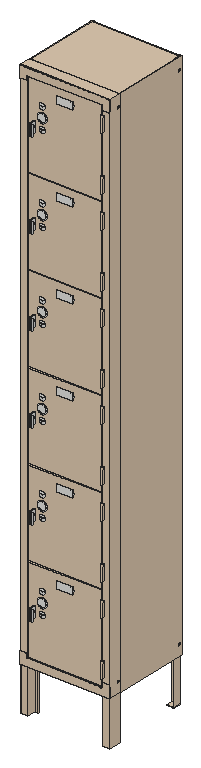
Revit family "Metal_Vented_Lockers-Salsbury_Industries-75000_76000_Series-1_Wide_Units", category Specialty Equipment, Revit 2016 (continued)
Definition of nested family "Metal Locker Legs"
  Forms (in)
    Extrusion 4, solid, material <- "Primary Structure Material", visible <- "Visible"
      sketch origin (0, 0, 0) x (0, -1, 0) y (1, 0, 0)
        loop
          line (-8.895, 5.8835) -> (-8.895, 4.8835) -> (-7.895, 4.8835) -> (-7.895, 5.8835) -> (-8.895, 5.8835)
      from 0 to 0.06
    Extrusion 5, solid, material <- "Primary Structure Material", visible <- "Visible"
      sketch origin (0, 0, 0) x (0, -1, 0) y (1, 0, 0)
        loop
          line (-8.895, -5.8835) -> (-7.895, -5.8835) -> (-7.895, -5.8235) -> (-8.835, -5.8235) -> (-8.835, -4.8835) -> (-8.895, -4.8835) -> (-8.895, -5.8835)
      from 0.06 to 6.185
    Extrusion 6, solid, material <- "Primary Structure Material", visible <- "Visible"
      sketch origin (0, 0, 0) x (0, -1, 0) y (1, 0, 0)
        loop
          line (-8.895, -5.8835) -> (-7.895, -5.8835) -> (-7.895, -4.8835) -> (-8.895, -4.8835) -> (-8.895, -5.8835)
      from 0 to 0.06
  Dimensions and locks (in)
    equal spacing: plane 6 "Left Side of Unit", plane 3 "Center (Left/Right)", plane 7 "Right Side of Unit"
    "Width": plane 6 "Left Side of Unit" to plane 7 "Right Side of Unit"
    "Height": plane 5 "Bottom of Unit" to plane 4 "Floor"
    equal spacing: plane 9 "Front of Unit", plane 1 "Center (Front/Back)", plane 8 "Back of Unit"
    "Depth": plane 9 "Front of Unit" to plane 8 "Back of Unit"
    plane 12 "Top of back legs" to plane 5 "Bottom of Unit" = 0.185"
    plane 6 "Left Side of Unit" to plane 11 "Left Side of Door Opening" = 1.000"
    plane 10 "Right Side of Door Opening" to plane 7 "Right Side of Unit" = 1.000"
    locked: plane 9 "Front of Unit" to plane 13 "Back Edge of Front Facing" at 1.588
    plane 11 "Left Side of Door Opening" to plane 14 "Inside Edge of Front Leg" = 0.440"
    plane 15 "Inside Edge of Right Leg" to plane 10 "Right Side of Door Opening" = 0.440"
    plane 9 "Front of Unit" to plane 16 = 1.185"
    plane 15 "Inside Edge of Right Leg" to plane 21 "Inside Edge or Rear Right Leg" to plane 10 "Right Side of Door Opening" to plane 18 "Right Edge of Rear Right Leg" to plane 7 "Right Side of Unit" = 0.320", 0.120", 0.880", 0.120"
    plane 6 "Left Side of Unit" to plane 19 "Left Edge or Rear Left Leg" to plane 11 "Left Side of Door Opening" to plane 22 "Inside Edge or Left Rear Leg" to plane 14 "Inside Edge of Front Leg" = 0.120", 0.880", 0.120", 0.320"
    plane 20 to plane 17 "Back Edge of Rear Legs" to plane 8 "Back of Unit" = 1.000", 0.110"
    aligned and locked: level to plane 2
    aligned and locked: Extrusion 3 to Extrusion 4
    aligned and locked: Extrusion 6 to Extrusion 5
    aligned and locked: Extrusion 3 to plane 18 "Right Edge of Rear Right Leg"
    aligned and locked: Extrusion 3 to plane 17 "Back Edge of Rear Legs"
    aligned and locked: Extrusion 5 to plane 19 "Left Edge or Rear Left Leg"
    aligned and locked: Extrusion 5 to plane 17 "Back Edge of Rear Legs"
    aligned and locked: Extrusion 2 to plane 5 "Bottom of Unit"
    aligned and locked: Extrusion 1 to plane 5 "Bottom of Unit"
    aligned and locked: Extrusion 3 to plane 12 "Top of back legs"
    aligned and locked: Extrusion 5 to plane 12 "Top of back legs"
  Automatic sketch dimensions
    plane 13 "Back Edge of Front Facing" to Extrusion 1 sketch curve = 0.000"
    Extrusion 1 sketch curve to plane 15 "Inside Edge of Right Leg" = 0.000"
    plane 16 to Extrusion 1 sketch curve = 0.000"
    Extrusion 1 sketch curve to plane 7 "Right Side of Unit" = 0.000"
    plane 9 "Front of Unit" to Extrusion 1 sketch curve = 0.000"
    Extrusion 1 sketch curve to plane 10 "Right Side of Door Opening" = 0.000"
    Extrusion 1 sketch curve to plane 16 = 0.060"
    Extrusion 1 sketch curve to plane 9 "Front of Unit" = 0.060"
    Extrusion 1 sketch curve to plane 10 "Right Side of Door Opening" = 0.060"
    plane 7 "Right Side of Unit" to Extrusion 1 sketch curve = 0.060"
    plane 13 "Back Edge of Front Facing" to Extrusion 2 sketch curve = 0.000"
    Extrusion 2 sketch curve to plane 14 "Inside Edge of Front Leg" = 0.000"
    plane 16 to Extrusion 2 sketch curve = 0.000"
    Extrusion 2 sketch curve to plane 6 "Left Side of Unit" = 0.000"
    plane 9 "Front of Unit" to Extrusion 2 sketch curve = 0.000"
    Extrusion 2 sketch curve to plane 11 "Left Side of Door Opening" = 0.000"
    plane 16 to Extrusion 2 sketch curve = 0.060"
    plane 9 "Front of Unit" to Extrusion 2 sketch curve = 0.060"
    Extrusion 2 sketch curve to plane 11 "Left Side of Door Opening" = 0.060"
    plane 6 "Left Side of Unit" to Extrusion 2 sketch curve = 0.060"
    plane 17 "Back Edge of Rear Legs" to Extrusion 3 sketch curve = 0.000"
    Extrusion 3 sketch curve to plane 21 "Inside Edge or Rear Right Leg" = 0.000"
    Extrusion 3 sketch curve to plane 18 "Right Edge of Rear Right Leg" = 0.000"
    plane 20 to Extrusion 3 sketch curve = 0.000"
    plane 17 "Back Edge of Rear Legs" to Extrusion 3 sketch curve = 0.060"
    plane 18 "Right Edge of Rear Right Leg" to Extrusion 3 sketch curve = 0.060"
    plane 17 "Back Edge of Rear Legs" to Extrusion 4 sketch curve = 0.000"
    Extrusion 4 sketch curve to plane 18 "Right Edge of Rear Right Leg" = 0.000"
    plane 20 to Extrusion 4 sketch curve = 0.000"
    Extrusion 4 sketch curve to plane 21 "Inside Edge or Rear Right Leg" = 0.000"
    plane 17 "Back Edge of Rear Legs" to Extrusion 5 sketch curve = 0.000"
    Extrusion 5 sketch curve to plane 22 "Inside Edge or Left Rear Leg" = 0.000"
    Extrusion 5 sketch curve to plane 19 "Left Edge or Rear Left Leg" = 0.000"
    plane 20 to Extrusion 5 sketch curve = 0.000"
    Extrusion 5 sketch curve to plane 17 "Back Edge of Rear Legs" = 0.060"
    Extrusion 5 sketch curve to plane 19 "Left Edge or Rear Left Leg" = 0.060"
    plane 17 "Back Edge of Rear Legs" to Extrusion 6 sketch curve = 0.000"
    Extrusion 6 sketch curve to plane 19 "Left Edge or Rear Left Leg" = 0.000"
    plane 20 to Extrusion 6 sketch curve = 0.000"
    Extrusion 6 sketch curve to plane 22 "Inside Edge or Left Rear Leg" = 0.000"
Definition of nested family "Vented Metal Locker Doors-12 inch with Latch Hasps"
  Parameters (values of type "Four Tier Door - 6 foot")
    Width = 9.901"
    Visible = yes
    Vent Array Spacing = 1.187"
    Vent Array 2 = if(Height = 17.360", 10, if(Height = 14.360", 8, if(Height = 11.532", 6, if(Height = 11.463", 6, 0))))  # 10
    Vent Array 1 = Vent Array 2  # 10
    Primary Structure Material = none
    Louver Set Vertical Alignment = 5.710"
    Number Plate Alignment = 0.9375"
    Louver Width = 4.000"
    Hinge 2 Placement = 14.142"
    Hinge 1 Placement = 1.125"
    Height = 17.360"
    Hasp Plate Rivet Material = none
    Hasp Height = 1.438"
    First Vent Placement = 2.875"
    Depth = 0.900"
  Types (4): name | Vent Array 2 | Vent Array 1 | Louver Set Vertical Alignment | Hinge 2 Placement | Height | First Vent Placement
    Six Tier Door - 6 foot | 6 | 6 | 2.731" | 8.449" | 11.532" | 2.3925"
    Five Tier Door - 5 foot | 6 | 6 | 2.826" | 8.188" | 11.463" | 2.3925"
    Four Tier Door - 6 foot | 10 | 10 | 5.710" | 14.142" | 17.360" | 2.875"
    Four Tier Door - 5 foot | 8 | 8 | 4.240" | 11.142" | 14.360" | 2.625"
  Reference planes (in)
    plane 1 "Center (Front/Back)": y = 0
    plane 2 "Bottom of Door": z = 0
    plane 3 "Center (Left/Right)": x = 0
    plane 4 "Center (Top/Bottom)": z = 8.68
    plane 5 "Top of Door": z = 17.36
    plane 6 "Right Side of Door": x = 4.9505
    plane 7 "Left Side of Door": x = -4.9505
    plane 8 "Front of Door": y = -0.45
    plane 9 "Back of Door": y = 0.45
    plane 10 "Top of Number Plate": z = 16.4225
    plane 11 "Top of Hasp Alignment": z = 9.399
    plane 12 "Bottom of Hasp Alignment": z = 7.961
    plane 13 "Left Side of Louvers": x = -2
    plane 14 "Right Side of Louvers": x = 2
    plane 15 "Front of Louvers": y = -0.6375
    plane 16: x = -1.094
    plane 17: x = 1.094
    plane 18: z = 15.4225
    plane 19 "Center Hasp": x = -1.7755
    plane 20 "Top of Hinge 2": z = 3.218
    plane 21 "Top of Hinge 1": z = 16.235
    plane 22 "Left Hasp Hole Align": x = -4.263
    plane 23 "Right Hasp Hole Align": x = -4.013
    plane 24 "Center Hasp Stud Align": z = 10.09841
    plane 25 "Top Hasp Stud Align": z = 11.51682
    plane 26 "Vertical Hasp Stud Align": x = -3.076
    plane 27 "Vertical Center Hasp Align": x = -4.13777
    plane 28: z = 2.875
    plane 29: z = 3.46558
    plane 30: z = 4.062
    plane 31: z = 4.65258
  Forms (in)
    Extrusion 1, solid, material <- "Primary Structure Material", visible <- "Visible"
      sketch origin (0, 0, 0) x (1, 0, 0) y (0, 0, 1)
        loop
          line (-4.9505, 17.36) -> (-4.9505, 0) -> (4.9505, 0) -> (4.9505, 17.36) -> (-4.9505, 17.36)
      from -0.45 to 0.45
    Extrusion 2, solid, material <- "Hasp Plate Rivet Material", visible <- "Visible", detail levels medium+fine
      sketch origin (0, -0.45, 0) x (1, 0, 0) y (0, 0, 1)
        loop
          arc (-1.06847, 16.38695) -> (-1.10166, 15.92421) -> (-1.06847, 15.46147) r 3.2426
          arc (-1.06847, 15.46147) -> (0, 15.42272) -> (1.06847, 15.46147) r 14.75
          arc (1.06847, 15.46147) -> (1.10166, 15.92421) -> (1.06847, 16.38695) r 3.2426
          arc (1.06847, 16.38695) -> (0, 16.41487) -> (-1.06847, 16.38695) r 20.45441
      from 0 to 0.03497
    Extrusion 3, void
      sketch origin (-1.7755, -0.13281, 0.04687) x (0, 0, -1) y (0, -1, 0)
        loop
          circle (-8.35677, -0.16411) r 0.2
      from -0.163 to 0.163
    Extrusion 4, solid, material <- "Primary Structure Material", visible <- "Visible", detail levels medium+fine
      sketch origin (0, 0, 16.235) x (0, -1, 0) y (1, 0, 0)
        loop
          line (0.45, 4.9505) -> (0.575, 4.9505)
          arc (0.575, 4.9505) -> (0.7, 5.0755) -> (0.575, 5.2005) r 0.125
          line (0.575, 5.2005) -> (0.45, 5.2005) -> (0.45, 4.9505)
      from 0 to -2
    Extrusion 5, solid, material <- "Primary Structure Material", visible <- "Visible", detail levels medium+fine
      sketch origin (0, 0, 3.218) x (0, -1, 0) y (1, 0, 0)
        loop
          line (0.45, 4.9505) -> (0.575, 4.9505)
          arc (0.575, 4.9505) -> (0.7, 5.0755) -> (0.575, 5.2005) r 0.125
          line (0.575, 5.2005) -> (0.45, 5.2005) -> (0.45, 4.9505)
      from 0 to -2
    Extrusion 6, void
      sketch origin (0, -0.45, 0) x (1, 0, 0) y (0, 0, 1)
        loop
          line (-4.263, 9.399) -> (-4.263, 7.961) -> (-4.013, 7.961) -> (-4.013, 9.399) -> (-4.263, 9.399)
      from -0.9 to 0
    Blend 7, solid, material <- "Hasp Plate Rivet Material", visible <- "Visible", detail levels fine
      base sketch origin (0, -0.45, 0) x (1, 0, 0) y (0, 0, 1)
        loop
          circle (-3.076, 8.68) r 0.375
      top sketch origin (0, -0.45, 0) x (1, 0, 0) y (0, 0, 1)
        loop
          circle (-3.076, 8.68) r 0.09706
      from 0 to 0.03497
    Blend 8, solid, material <- "Hasp Plate Rivet Material", visible <- "Visible", detail levels fine
      base sketch origin (0, -0.45, 2.83682) x (1, 0, 0) y (0, 0, 1)
        loop
          circle (-3.076, 8.68) r 0.375
      top sketch origin (0, -0.45, 2.83682) x (1, 0, 0) y (0, 0, 1)
        loop
          circle (-3.076, 8.68) r 0.09706
      from 0 to 0.03497
    Blend 9, solid, material <- "Hasp Plate Rivet Material", visible <- "Visible", detail levels fine
      base sketch origin (0, -0.45, -0.16841) x (1, 0, 0) y (0, 0, 1)
        loop
          circle (-3.076, 10.26682) r 0.625
      top sketch origin (0, -0.45, -0.16841) x (1, 0, 0) y (0, 0, 1)
        loop
          circle (-3.076, 10.26682) r 0.58088
      from 0 to 0.03497
    Extrusion 10, solid, material <- "Hasp Plate Rivet Material", visible <- "Visible", detail levels fine
      sketch origin (0, 0, 7.961) x (0, -1, 0) y (1, 0, 0)
        loop
          line (-0.45, -4.07527) -> (-0.45, -4.13777) -> (1.2, -4.13777)
          arc (1.2, -4.13777) -> (1.24419, -4.11946) -> (1.2625, -4.07527) r 0.0625
          line (1.2625, -4.07527) -> (1.2625, -3.76277) -> (1.20579, -3.76277) -> (1.20579, -4.0127)
          arc (1.20579, -4.0127) -> (1.18746, -4.05694) -> (1.14322, -4.07527) r 0.06257
          line (1.14322, -4.07527) -> (-0.45, -4.07527)
      from 0 to 1.438
    Extrusion 11, solid, material <- "Hasp Plate Rivet Material", visible <- "Visible", detail levels fine
      sketch origin (0, 0, 7.961) x (0, -1, 0) y (1, 0, 0)
        loop
          line (-0.45, -4.20027) -> (1.2625, -4.20027) -> (1.2625, -4.13777) -> (-0.45, -4.13777) -> (-0.45, -4.20027)
      from 0 to 1.438
    Extrusion 12, void
      sketch origin (-4.013, 0, 0) x (0, 0, -1) y (0, -1, 0)
        loop
          circle (-8.68, 0.82219) r 0.375
      from 0 to 0.25
  Cuts and joins
    Extrusion 3, Extrusion 6 cuts Extrusion 1
    Extrusion 12 cuts Extrusion 10
    Extrusion 12 cuts Extrusion 11
  Lines and regions (in)
    symbolic lines
      curve 1: line (-4.20027, -0.44719, 7.961) -> (-4.20027, -1.2625, 7.961)
      curve 2: line (-4.20027, -1.2625, 7.961) -> (-4.13777, -1.2625, 7.961)
      curve 3: line (-4.13777, -1.2625, 7.961) -> (-4.13777, -0.45, 7.961)
      curve 4: line (-4.07527, -0.44719, 7.961) -> (-4.07527, -1.14322, 7.961)
      curve 5: line (-4.0127, -1.20579, 7.961) -> (-3.76277, -1.20579, 7.961)
      curve 6: line (-3.76277, -1.20579, 7.961) -> (-3.76277, -1.2625, 7.961)
      curve 7: line (-3.76277, -1.2625, 7.961) -> (-4.07527, -1.2625, 7.961)
      curve 8: arc (-4.07527, -1.14322, 7.961) -> (-4.05694, -1.18746, 7.961) -> (-4.0127, -1.20579, 7.961) r 0.06257
      curve 9: arc (-4.07527, -1.2625, 7.961) -> (-4.11946, -1.24419, 7.961) -> (-4.13777, -1.2, 7.961) r 0.0625
      curve 10: line (-4.013, -0.45, 9.40058) -> (-4.013, -1.26256, 9.40058)
      curve 11: line (-4.013, -1.26256, 9.40058) -> (-4.013, -1.26256, 7.9612)
      curve 12: line (-4.013, -1.26256, 7.9612) -> (-4.013, -0.45309, 7.9612)
      curve 13: line (-4.263, -0.45, 9.399) -> (-4.20027, -0.45, 9.399)
      curve 14: line (-4.263, -0.45, 7.961) -> (-4.263, -0.45, 9.399)
      curve 15: line (-4.20027, -0.45, 7.961) -> (-4.263, -0.45, 7.961)
      curve 16: line (-4.20027, -0.45, 9.399) -> (-4.20027, -0.45, 7.961)
      curve 17: line (-4.20027, -0.45, 9.399) -> (-3.76277, -0.45, 9.399)
      curve 18: line (-4.20027, -0.45, 7.961) -> (-3.76277, -0.45, 7.961)
      curve 19: line (-3.76277, -0.45, 9.399) -> (-3.76277, -0.45, 7.961)
      curve 20: circle (-3.076, -0.45, 11.51682) r 0.371 normal (0, -1, 0)
      curve 21: circle (-3.076, -0.45, 8.68) r 0.375 normal (0, -1, 0)
      curve 22: circle (-3.076, -0.45, 10.09841) r 0.62368 normal (0, -1, 0)
      curve 23: line (-4.9505, -0.45, 17.36) -> (4.9505, -0.45, 17.36)
      curve 24: line (-4.9505, -0.45, 0) -> (-4.9505, -0.45, 17.36)
      curve 25: line (4.9505, -0.45, 0) -> (-4.9505, -0.45, 0)
      curve 26: line (4.9505, -0.45, 17.36) -> (4.9505, -0.45, 0)
  Dimensions and locks (in)
    equal spacing: plane 5 "Top of Door", plane 4 "Center (Top/Bottom)", plane 2 "Bottom of Door"
    "Height": plane 5 "Top of Door" to plane 2 "Bottom of Door"
    equal spacing: plane 8 "Front of Door", plane 1 "Center (Front/Back)", plane 9 "Back of Door"
    "Depth": plane 8 "Front of Door" to plane 9 "Back of Door"
    equal spacing: plane 7 "Left Side of Door", plane 3 "Center (Left/Right)", plane 6 "Right Side of Door"
    "Width": plane 7 "Left Side of Door" to plane 6 "Right Side of Door"
    "Number Plate Alignment": plane 5 "Top of Door" to plane 10 "Top of Number Plate" to plane 18
    equal spacing: plane 13 "Left Side of Louvers", plane 3 "Center (Left/Right)", plane 14 "Right Side of Louvers"
    "Louver Width": plane 13 "Left Side of Louvers" to plane 14 "Right Side of Louvers"
    plane 25 "Top Hasp Stud Align" to plane 24 "Center Hasp Stud Align" to plane 11 "Top of Hasp Alignment" to plane 4 "Center (Top/Bottom)" to plane 12 "Bottom of Hasp Alignment" = 1.41841", 0.69941", 0.719", 0.719"
    "Hasp Height": plane 11 "Top of Hasp Alignment" to plane 12 "Bottom of Hasp Alignment"
    locked: plane 15 "Front of Louvers" to plane 8 "Front of Door" at 0.1875
    plane 16 to plane 3 "Center (Left/Right)" to plane 17 = 1.094" locked, 1.094" locked
    "Hinge 1 Placement": plane 5 "Top of Door" to plane 21 "Top of Hinge 1"
    "Hinge 2 Placement": plane 5 "Top of Door" to plane 20 "Top of Hinge 2"
    plane 7 "Left Side of Door" to plane 22 "Left Hasp Hole Align" to plane 23 "Right Hasp Hole Align" to plane 26 "Vertical Hasp Stud Align" = 0.6875" locked, 0.250" locked, 0.937" locked
    equal spacing: group 1, group 2, group 3, group 4, group 5, group 6, group 13, group 14, group 15, group 16  (x3)
    equal spacing: group 7, group 8, group 9, group 10, group 11, group 12, group 17, group 18, group 19, group 20  (x3)
    "Vent Array Spacing": plane 30 to plane 28
    "First Vent Placement": plane 28 to plane 2 "Bottom of Door"
    "Vent Array Spacing": plane 31 to plane 29
    locked: plane 29 to plane 28 at 0.59058
    aligned and locked: level to plane 2 "Bottom of Door"
    aligned and locked: plane 5 "Top of Door" to Extrusion 1 sketch curve
    aligned and locked: Extrusion 1 sketch curve to plane 7 "Left Side of Door"
    aligned and locked: plane 2 "Bottom of Door" to Extrusion 1 sketch curve
    aligned and locked: plane 6 "Right Side of Door" to Extrusion 1 sketch curve
    aligned and locked: plane 11 "Top of Hasp Alignment" to Extrusion 6 sketch curve
    aligned and locked: Extrusion 6 sketch curve to plane 22 "Left Hasp Hole Align"
    aligned and locked: Extrusion 6 sketch curve to plane 12 "Bottom of Hasp Alignment"
    aligned and locked: plane 23 "Right Hasp Hole Align" to Extrusion 6 sketch curve
    aligned and locked: plane 25 "Top Hasp Stud Align" to Blend 8 sketch curve  (x2)
    aligned and locked: plane 4 "Center (Top/Bottom)" to Blend 7 sketch curve  (x2)
    aligned and locked: plane 24 "Center Hasp Stud Align" to Blend 9 sketch curve  (x2)
    aligned and locked: plane 27 "Vertical Center Hasp Align" to Extrusion 11 sketch curve
    aligned and locked: plane 27 "Vertical Center Hasp Align" to Extrusion 10 sketch curve
    aligned and locked: plane 4 "Center (Top/Bottom)" to Extrusion 12 sketch curve
    aligned and locked: plane 3 "Center (Left/Right)" to nested 1
    aligned and locked: plane 28 to nested 2
    aligned and locked: plane 29 to nested 1
    aligned and locked: plane 30 to nested 3
    aligned and locked: plane 31 to nested 8
    aligned and locked: curve 1 to cut or joined group of Extrusion 11, Extrusion 12
    aligned and locked: curve 2 to cut or joined group of Extrusion 11, Extrusion 12
    aligned and locked: curve 3 to cut or joined group of Extrusion 11, Extrusion 12
    aligned and locked: cut or joined group of Extrusion 10, Extrusion 12 to curve 4
    aligned and locked: curve 5 to cut or joined group of Extrusion 10, Extrusion 12
    aligned and locked: curve 6 to cut or joined group of Extrusion 10, Extrusion 12
    aligned and locked: curve 7 to cut or joined group of Extrusion 10, Extrusion 12
    aligned and locked: curve 10 to nested 12  (x2)
    aligned and locked: curve 13 to cut or joined group of Extrusion 1, Extrusion 3, Extrusion 6
    aligned and locked: curve 14 to cut or joined group of Extrusion 1, Extrusion 3, Extrusion 6
    aligned and locked: cut or joined group of Extrusion 11, Extrusion 12 to curve 15
    aligned and locked: curve 16 to cut or joined group of Extrusion 11, Extrusion 12
    aligned and locked: curve 13 to curve 17
    aligned and locked: curve 19 to cut or joined group of Extrusion 10, Extrusion 12
    aligned and locked: curve 23 to cut or joined group of Extrusion 1, Extrusion 3, Extrusion 6
    aligned and locked: curve 25 to cut or joined group of Extrusion 1, Extrusion 3, Extrusion 6
    aligned and locked: curve 26 to cut or joined group of Extrusion 1, Extrusion 3, Extrusion 6
  Automatic sketch dimensions
    Extrusion 2 sketch curve to plane 3 "Center (Left/Right)" = 0.000"  (x2)
    plane 13 "Left Side of Louvers" to Extrusion 2 sketch curve = 0.14094"
    Extrusion 2 sketch curve to plane 14 "Right Side of Louvers" = 0.14094"
    Extrusion 2 sketch curve to level = 4.03954"
    plane 21 "Top of Hinge 1" to Extrusion 2 sketch curve = 0.31079"  (x2)
    Extrusion 2 sketch curve to plane 5 "Top of Door" = 12.81272"
    Extrusion 2 sketch curve to plane 16 = 0.02553"  (x2)
    plane 17 to Extrusion 2 sketch curve = 0.02553"
    Extrusion 2 sketch curve to plane 18 = 0.03897"
    Extrusion 3 sketch curve to plane 1 "Center (Front/Back)" = 0.0313"
    Extrusion 4 sketch curve to plane 6 "Right Side of Door" = 0.000"
    plane 8 "Front of Door" to Extrusion 4 sketch curve = 0.000"
    Extrusion 4 sketch curve to plane 15 "Front of Louvers" = 0.0625"
    Extrusion 4 sketch curve to plane 6 "Right Side of Door" = 0.125"
    Extrusion 5 sketch curve to plane 6 "Right Side of Door" = 0.000"
    plane 8 "Front of Door" to Extrusion 5 sketch curve = 0.000"
    Extrusion 5 sketch curve to plane 15 "Front of Louvers" = 0.0625"
    Extrusion 5 sketch curve to plane 6 "Right Side of Door" = 0.125"
    plane 26 "Vertical Hasp Stud Align" to Blend 7 sketch curve = 0.000"  (x2)
    plane 26 "Vertical Hasp Stud Align" to Blend 8 sketch curve = 0.000"  (x2)
    plane 26 "Vertical Hasp Stud Align" to Blend 9 sketch curve = 0.000"  (x2)
    Extrusion 10 sketch curve to plane 1 "Center (Front/Back)" = 0.450"
    plane 23 "Right Hasp Hole Align" to Extrusion 10 sketch curve = 0.06227"
    Extrusion 10 sketch curve to plane 23 "Right Hasp Hole Align" = 0.0003"
    plane 15 "Front of Louvers" to Extrusion 10 sketch curve = 0.50572"
    Extrusion 10 sketch curve to Extrusion 10 sketch curve = 0.05678"
    Extrusion 10 sketch curve to Extrusion 10 sketch curve = 0.24993"
    plane 9 "Back of Door" to Extrusion 11 sketch curve = 0.000"
    plane 15 "Front of Louvers" to Extrusion 11 sketch curve = 0.625"
    Extrusion 11 sketch curve to plane 22 "Left Hasp Hole Align" = 0.06273"
    Extrusion 10 sketch curve to Extrusion 10 sketch curve = 0.06257"
    plane 15 "Front of Louvers" to Extrusion 12 sketch curve = 0.18469"
    plane 4 "Center (Top/Bottom)" to Extrusion 3 sketch curve = 0.27635"
    plane 8 "Front of Door" to curve 3 = 0.000"
    curve 8 to plane 23 "Right Hasp Hole Align" = 0.0003"
    curve 9 to curve 4 = 0.000"
    curve 1 to plane 8 "Front of Door" = 0.00281"
    curve 4 to plane 8 "Front of Door" = 0.00281"
    plane 15 "Front of Louvers" to curve 11 = 0.62506"
    curve 12 to plane 12 "Bottom of Hasp Alignment" = 0.0002"
    plane 8 "Front of Door" to curve 12 = 0.00309"
    plane 7 "Left Side of Door" to curve 24 = 0.000"
    curve 22 to plane 24 "Center Hasp Stud Align" = 0.000"
    plane 26 "Vertical Hasp Stud Align" to curve 22 = 0.000"
    curve 21 to plane 4 "Center (Top/Bottom)" = 0.000"
    plane 26 "Vertical Hasp Stud Align" to curve 21 = 0.000"
    curve 20 to plane 25 "Top Hasp Stud Align" = 0.000"
    plane 26 "Vertical Hasp Stud Align" to curve 20 = 0.000"
    radius of Extrusion 3 sketch curve = 0.200"
    radius of Blend 7 sketch curve = 0.375"
    radius of Blend 7 sketch curve = 0.09706"
    radius of Blend 8 sketch curve = 0.375"
    radius of Blend 8 sketch curve = 0.09706"
    radius of Blend 9 sketch curve = 0.625"
    radius of Blend 9 sketch curve = 0.58088"
    radius of Extrusion 12 sketch curve = 0.375"
    radius of curve 20 = 0.371"
    radius of curve 21 = 0.375"
    radius of curve 22 = 0.62368"
  Nested families (in)
    nested 1: "Vents - Horizontal 3" at (0, -0.45, -61.80738), type "Vents - Horizontal 3"
    nested 2: "Vents - Horizontal 2" at (2.6043, -0.45, -60.66388), type "Vents - Horizontal 2"
    nested 3: "Vents - Horizontal 2" at (2.6043, -0.45, -59.47688), type "Vents - Horizontal 2"
    nested 4: "Vents - Horizontal 2" at (2.6043, -0.45, -58.28988), type "Vents - Horizontal 2"
    nested 5: "Vents - Horizontal 2" at (2.6043, -0.45, -57.10288), type "Vents - Horizontal 2"
    nested 6: "Vents - Horizontal 2" at (2.6043, -0.45, -55.91588), type "Vents - Horizontal 2"
    nested 7: "Vents - Horizontal 2" at (2.6043, -0.45, -54.72888), type "Vents - Horizontal 2"
    nested 8: "Vents - Horizontal 3" at (0, -0.45, -60.62038), type "Vents - Horizontal 3"
    nested 9: "Vents - Horizontal 3" at (0, -0.45, -59.43338), type "Vents - Horizontal 3"
    nested 10: "Vents - Horizontal 3" at (0, -0.45, -58.24638), type "Vents - Horizontal 3"
    nested 11: "Vents - Horizontal 3" at (0, -0.45, -57.05938), type "Vents - Horizontal 3"
    nested 12: "Vents - Horizontal 3" at (0, -0.45, -55.87238), type "Vents - Horizontal 3"
    nested 13: "Vents - Horizontal 2" at (2.6043, -0.45, -53.54188), type "Vents - Horizontal 2"
    nested 14: "Vents - Horizontal 2" at (2.6043, -0.45, -52.35488), type "Vents - Horizontal 2"
    nested 15: "Vents - Horizontal 2" at (2.6043, -0.45, -51.16788), type "Vents - Horizontal 2"
    nested 16: "Vents - Horizontal 2" at (2.6043, -0.45, -49.98088), type "Vents - Horizontal 2"
    nested 17: "Vents - Horizontal 3" at (0, -0.45, -54.68538), type "Vents - Horizontal 3"
    nested 18: "Vents - Horizontal 3" at (0, -0.45, -53.49838), type "Vents - Horizontal 3"
    nested 19: "Vents - Horizontal 3" at (0, -0.45, -52.31138), type "Vents - Horizontal 3"
    nested 20: "Vents - Horizontal 3" at (0, -0.45, -51.12438), type "Vents - Horizontal 3"
  Definition of nested family "Vents - Horizontal 3"
    Reference planes (in)
      plane 1 "Center (Front/Back)": y = 0
      plane 2: z = 0
      plane 3 "Center (Left/Right)": x = 0
    Lines and regions (in)
      model lines
        curve 1: spline (1.08625, 0, 65.3981) -> (1.05712, 0, 65.3804) -> (1.03269, 0, 65.36106) -> (1.01334, 0, 65.34039) -> (0.99936, 0, 65.31871) -> (0.99096, 0, 65.29635) -> (0.98829, 0, 65.27365) -> (0.99137, 0, 65.25097) -> (1.00016, 0, 65.22864) -> (1.01452, 0, 65.20702) -> (1.03424, 0, 65.18644) -> (1.05902, 0, 65.16721) -> (1.08846, 0, 65.14963)
        curve 2: line (1.08625, 0, 65.3981) -> (1.73835, 0, 65.64972)
        curve 3: line (1.08846, 0, 65.14963) -> (1.73762, 0, 64.89923)
        curve 4: spline (2.39008, 0, 65.39825) -> (2.41937, 0, 65.38053) -> (2.44394, 0, 65.36117) -> (2.46341, 0, 65.34048) -> (2.47747, 0, 65.31876) -> (2.48591, 0, 65.29637) -> (2.4886, 0, 65.27363) -> (2.4855, 0, 65.25091) -> (2.47665, 0, 65.22855) -> (2.46219, 0, 65.2069) -> (2.44234, 0, 65.18629) -> (2.41742, 0, 65.16704) -> (2.3878, 0, 65.14945)
        curve 5: line (2.39008, 0, 65.39825) -> (1.73835, 0, 65.64972)
        curve 6: line (2.3878, 0, 65.14945) -> (1.73762, 0, 64.89923)
        curve 13: spline (-0.65075, 0, 65.3981) -> (-0.67988, 0, 65.3804) -> (-0.70431, 0, 65.36106) -> (-0.72366, 0, 65.34039) -> (-0.73764, 0, 65.31871) -> (-0.74604, 0, 65.29635) -> (-0.74871, 0, 65.27365) -> (-0.74563, 0, 65.25097) -> (-0.73684, 0, 65.22864) -> (-0.72248, 0, 65.20702) -> (-0.70276, 0, 65.18644) -> (-0.67798, 0, 65.16721) -> (-0.64854, 0, 65.14963)
        curve 14: line (-0.65075, 0, 65.3981) -> (0.00135, 0, 65.64972)
        curve 15: line (-0.64854, 0, 65.14963) -> (0.00062, 0, 64.89923)
        curve 16: spline (0.65308, 0, 65.39825) -> (0.68237, 0, 65.38053) -> (0.70694, 0, 65.36117) -> (0.72641, 0, 65.34048) -> (0.74047, 0, 65.31876) -> (0.74891, 0, 65.29637) -> (0.7516, 0, 65.27363) -> (0.7485, 0, 65.25091) -> (0.73965, 0, 65.22855) -> (0.72519, 0, 65.2069) -> (0.70534, 0, 65.18629) -> (0.68042, 0, 65.16704) -> (0.6508, 0, 65.14945)
        curve 17: line (0.65308, 0, 65.39825) -> (0.00135, 0, 65.64972)
        curve 18: line (0.6508, 0, 65.14945) -> (0.00062, 0, 64.89923)
        curve 19: spline (-2.38775, 0, 65.3981) -> (-2.41688, 0, 65.3804) -> (-2.44131, 0, 65.36106) -> (-2.46066, 0, 65.34039) -> (-2.47464, 0, 65.31871) -> (-2.48304, 0, 65.29635) -> (-2.48571, 0, 65.27365) -> (-2.48263, 0, 65.25097) -> (-2.47384, 0, 65.22864) -> (-2.45948, 0, 65.20702) -> (-2.43976, 0, 65.18644) -> (-2.41498, 0, 65.16721) -> (-2.38554, 0, 65.14963)
        curve 20: line (-2.38775, 0, 65.3981) -> (-1.73565, 0, 65.64972)
        curve 21: line (-2.38554, 0, 65.14963) -> (-1.73638, 0, 64.89923)
        curve 22: spline (-1.08392, 0, 65.39825) -> (-1.05463, 0, 65.38053) -> (-1.03006, 0, 65.36117) -> (-1.01059, 0, 65.34048) -> (-0.99653, 0, 65.31876) -> (-0.98809, 0, 65.29637) -> (-0.9854, 0, 65.27363) -> (-0.9885, 0, 65.25091) -> (-0.99735, 0, 65.22855) -> (-1.01181, 0, 65.2069) -> (-1.03166, 0, 65.18629) -> (-1.05658, 0, 65.16704) -> (-1.0862, 0, 65.14945)
        curve 23: line (-1.08392, 0, 65.39825) -> (-1.73565, 0, 65.64972)
        curve 24: line (-1.0862, 0, 65.14945) -> (-1.73638, 0, 64.89923)
      model lines, not visible
        curve 7: spline (6.02, -6.45464, 72.16015) -> (6.02, -6.43694, 72.13102) -> (6.02, -6.4176, 72.10659) -> (6.02, -6.39694, 72.08724) -> (6.02, -6.37525, 72.07326) -> (6.02, -6.35289, 72.06486) -> (6.02, -6.33019, 72.06219) -> (6.02, -6.30751, 72.06527) -> (6.02, -6.28518, 72.07406) -> (6.02, -6.26356, 72.08842) -> (6.02, -6.24298, 72.10814) -> (6.02, -6.22375, 72.13292) -> (6.02, -6.20617, 72.16236)
        curve 8: line (6.02, -6.45464, 72.16015) -> (6.02, -6.70626, 72.81225)
        curve 9: line (6.02, -6.20617, 72.16236) -> (6.02, -5.95577, 72.81152)
        curve 10: spline (6.02, -6.45479, 73.46398) -> (6.02, -6.43707, 73.49327) -> (6.02, -6.41771, 73.51784) -> (6.02, -6.39702, 73.53731) -> (6.02, -6.3753, 73.55137) -> (6.02, -6.35291, 73.55981) -> (6.02, -6.33017, 73.5625) -> (6.02, -6.30745, 73.5594) -> (6.02, -6.28509, 73.55055) -> (6.02, -6.26344, 73.53609) -> (6.02, -6.24283, 73.51624) -> (6.02, -6.22359, 73.49132) -> (6.02, -6.20599, 73.4617)
        curve 11: line (6.02, -6.45479, 73.46398) -> (6.02, -6.70626, 72.81225)
        curve 12: line (6.02, -6.20599, 73.4617) -> (6.02, -5.95577, 72.81152)
      reference lines
        curve 25: line (-2.54644, 0, 65.27296) -> (2.54933, 0, 65.27296)
    Dimensions and locks (in)
      equal spacing: group 4, group 3, group 2  (x2)
      equal spacing: group 2, group 3, group 4
      aligned and locked: level to plane 2
  Definition of nested family "Vents - Horizontal 2"
    Reference planes (in)
      plane 1 "Center (Front/Back)": y = 0
      plane 2: z = 0
      plane 3 "Center (Left/Right)": x = 0
    Lines and regions (in)
      model lines
        curve 1: spline (-2.82036, 0, 63.41385) -> (-2.79123, 0, 63.43156) -> (-2.7668, 0, 63.45089) -> (-2.74745, 0, 63.47156) -> (-2.73347, 0, 63.49324) -> (-2.72507, 0, 63.5156) -> (-2.72239, 0, 63.5383) -> (-2.72547, 0, 63.56099) -> (-2.73427, 0, 63.58331) -> (-2.74863, 0, 63.60493) -> (-2.76835, 0, 63.62552) -> (-2.79312, 0, 63.64475) -> (-2.82257, 0, 63.66233)
        curve 2: line (-2.82036, 0, 63.41385) -> (-3.47246, 0, 63.16223)
        curve 3: line (-2.82257, 0, 63.66233) -> (-3.47173, 0, 63.91272)
        curve 4: spline (-4.12419, 0, 63.41371) -> (-4.15348, 0, 63.43143) -> (-4.17805, 0, 63.45078) -> (-4.19752, 0, 63.47148) -> (-4.21158, 0, 63.49319) -> (-4.22002, 0, 63.51559) -> (-4.22271, 0, 63.53832) -> (-4.21961, 0, 63.56104) -> (-4.21076, 0, 63.5834) -> (-4.1963, 0, 63.60505) -> (-4.17645, 0, 63.62566) -> (-4.15153, 0, 63.64491) -> (-4.12191, 0, 63.6625)
        curve 5: line (-4.12419, 0, 63.41371) -> (-3.47246, 0, 63.16223)
        curve 6: line (-4.12191, 0, 63.6625) -> (-3.47173, 0, 63.91272)
        curve 13: spline (-1.08336, 0, 63.41385) -> (-1.05423, 0, 63.43156) -> (-1.0298, 0, 63.45089) -> (-1.01045, 0, 63.47156) -> (-0.99647, 0, 63.49324) -> (-0.98807, 0, 63.5156) -> (-0.98539, 0, 63.5383) -> (-0.98847, 0, 63.56099) -> (-0.99727, 0, 63.58331) -> (-1.01163, 0, 63.60493) -> (-1.03135, 0, 63.62552) -> (-1.05612, 0, 63.64475) -> (-1.08557, 0, 63.66233)
        curve 14: line (-1.08336, 0, 63.41385) -> (-1.73546, 0, 63.16223)
        curve 15: line (-1.08557, 0, 63.66233) -> (-1.73473, 0, 63.91272)
        curve 16: spline (-2.38719, 0, 63.41371) -> (-2.41648, 0, 63.43143) -> (-2.44105, 0, 63.45078) -> (-2.46052, 0, 63.47148) -> (-2.47458, 0, 63.49319) -> (-2.48302, 0, 63.51559) -> (-2.48571, 0, 63.53832) -> (-2.48261, 0, 63.56104) -> (-2.47376, 0, 63.5834) -> (-2.4593, 0, 63.60505) -> (-2.43945, 0, 63.62566) -> (-2.41453, 0, 63.64491) -> (-2.38491, 0, 63.6625)
        curve 17: line (-2.38719, 0, 63.41371) -> (-1.73546, 0, 63.16223)
        curve 18: line (-2.38491, 0, 63.6625) -> (-1.73473, 0, 63.91272)
      model lines, not visible
        curve 7: spline (6.02, -6.45464, 72.16015) -> (6.02, -6.43694, 72.13102) -> (6.02, -6.4176, 72.10659) -> (6.02, -6.39694, 72.08724) -> (6.02, -6.37525, 72.07326) -> (6.02, -6.35289, 72.06486) -> (6.02, -6.33019, 72.06219) -> (6.02, -6.30751, 72.06527) -> (6.02, -6.28518, 72.07406) -> (6.02, -6.26356, 72.08842) -> (6.02, -6.24298, 72.10814) -> (6.02, -6.22375, 72.13292) -> (6.02, -6.20617, 72.16236)
        curve 8: line (6.02, -6.45464, 72.16015) -> (6.02, -6.70626, 72.81225)
        curve 9: line (6.02, -6.20617, 72.16236) -> (6.02, -5.95577, 72.81152)
        curve 10: spline (6.02, -6.45479, 73.46398) -> (6.02, -6.43707, 73.49327) -> (6.02, -6.41771, 73.51784) -> (6.02, -6.39702, 73.53731) -> (6.02, -6.3753, 73.55137) -> (6.02, -6.35291, 73.55981) -> (6.02, -6.33017, 73.5625) -> (6.02, -6.30745, 73.5594) -> (6.02, -6.28509, 73.55055) -> (6.02, -6.26344, 73.53609) -> (6.02, -6.24283, 73.51624) -> (6.02, -6.22359, 73.49132) -> (6.02, -6.20599, 73.4617)
        curve 11: line (6.02, -6.45479, 73.46398) -> (6.02, -6.70626, 72.81225)
        curve 12: line (6.02, -6.20599, 73.4617) -> (6.02, -5.95577, 72.81152)
      reference lines
        curve 19: line (-4.25866, 0, 63.53888) -> (-0.94723, 0, 63.53888)
    Dimensions and locks (in)
      group 2 to group 3 = 1.737"
      group 2 to group 3 = 0.000"  (x2)
      aligned and locked: level to plane 2
Definition of nested family "Metal Locker Front Base"
  Parameters (values of type "77742 - for 12" W Lockers with Legs")
    Width = 10.040"
    Visible [instance] = yes
    Version = "1.0 (11/30/15)"
    Type Comments = "Front Base for Standard Metal Lockers"
    Primary Structure Material = none
    Model = "77742"
    MasterFormat Title = ""
    MasterFormat Number = ""
    Manufacturer = "Salsbury Industries"
    Description = "Front Base for 12\" Wide Lockers"
    Depth = 1.185"
    Height = 6.000"
    Assembly Code = ""
  Types (3): name | Width | Visible | Model | Description
    77742 - for 12" W Lockers with Legs | 10.040" | yes | "77742" | "Front Base for 12\" Wide Lockers"
    77745 - for 15" W Lockers with Legs | 13.040" | yes | "77745" | "Front Base for 15\" Wide Lockers"
    None | 10.040" | no | "77742" | "Front Base for 12\" Wide Lockers"
  Reference planes (in)
    plane 1 "Center (Front/Back)": y = -5.417
    plane 2: z = 0
    plane 3 "Center (Left/Right)": x = 0
    plane 4 "Floor": z = 0
    plane 5 "Top of Enclosure": z = 6
    plane 6 "Front of Enclosure": y = -6.005
    plane 7 "Right Side of Enclosure": x = 5.02
    plane 8 "Left Side of Enclosure": x = -5.02
    plane 9 "Back of Enclosure": y = -4.82
  Forms (in)
    Extrusion 1, solid, material <- "Primary Structure Material", visible <- "Visible"
      sketch origin (0, -6.005, 0) x (1, 0, 0) y (0, 0, 1)
        loop
          line (-5.02, 6) -> (-5.02, 0) -> (5.02, 0) -> (5.02, 6) -> (-5.02, 6)
      from -0.06 to 0
    Extrusion 2, solid, material <- "Primary Structure Material", visible <- "Visible"
      sketch origin (0, 0, 0) x (0, 1, 0) y (0, 0, 1)
        loop
          line (-5.945, 6) -> (-5.945, 5.94) -> (-4.82, 5.94) -> (-4.82, 6) -> (-5.945, 6)
      from -5.02 to 5.02
    Extrusion 3, solid, material <- "Primary Structure Material", visible <- "Visible"
      sketch origin (5.02, 0, 0) x (0, 0, -1) y (0, -1, 0)
        loop
          line (-5.75, 5.945) -> (-5.75, 4.82) -> (-0.25, 4.82) -> (-0.25, 5.945) -> (-5.75, 5.945)
      from 0 to 0.06
    Extrusion 4, solid, material <- "Primary Structure Material", visible <- "Visible"
      sketch origin (-5.02, 0, 0) x (0, 0, -1) y (0, -1, 0)
        loop
          line (-5.75, 5.945) -> (-5.75, 4.82) -> (-0.25, 4.82) -> (-0.25, 5.945) -> (-5.75, 5.945)
      from 0 to -0.06
  Dimensions and locks (in)
    "Height": plane 5 "Top of Enclosure" to plane 4 "Floor"
    plane 6 "Front of Enclosure" to plane 1 "Center (Front/Back)" = 0.588"
    "Depth": plane 6 "Front of Enclosure" to plane 9 "Back of Enclosure"
    equal spacing: plane 8 "Left Side of Enclosure", plane 3 "Center (Left/Right)", plane 7 "Right Side of Enclosure"
    "Width": plane 8 "Left Side of Enclosure" to plane 7 "Right Side of Enclosure"
    aligned and locked: level to plane 2
    aligned and locked: plane 8 "Left Side of Enclosure" to Extrusion 2
    aligned and locked: Extrusion 2 to plane 7 "Right Side of Enclosure"
    aligned and locked: Extrusion 1 to plane 7 "Right Side of Enclosure"
  Automatic sketch dimensions
    Extrusion 1 sketch curve to Extrusion 1 sketch curve = 10.040"
    Extrusion 1 sketch curve to Extrusion 1 sketch curve = 6.000"
    Extrusion 2 sketch curve to Extrusion 2 sketch curve = 1.125"
    Extrusion 2 sketch curve to Extrusion 2 sketch curve = 0.060"
    Extrusion 3 sketch curve to Extrusion 3 sketch curve = 5.500"
    Extrusion 3 sketch curve to Extrusion 3 sketch curve = 1.125"
    Extrusion 4 sketch curve to Extrusion 4 sketch curve = 5.500"
    Extrusion 4 sketch curve to Extrusion 4 sketch curve = 1.125"
    Extrusion 1 sketch curve to level = 0.000"
    plane 8 "Left Side of Enclosure" to Extrusion 1 sketch curve = 0.000"
    plane 5 "Top of Enclosure" to Extrusion 2 sketch curve = 0.000"
    Extrusion 2 sketch curve to plane 9 "Back of Enclosure" = 0.000"
    Extrusion 3 sketch curve to plane 9 "Back of Enclosure" = 0.000"
    plane 5 "Top of Enclosure" to Extrusion 3 sketch curve = 0.250"
    Extrusion 4 sketch curve to plane 9 "Back of Enclosure" = 0.000"
    plane 5 "Top of Enclosure" to Extrusion 4 sketch curve = 0.250"
Definition of nested family "Metal Locker Right Side Base"
  Parameters (values of type "77732 Right - for 12" D Lockers with Legs")
    Width including Rivet [instance] = 1.290"
    Visible = yes
    Primary Structure Material = none
    Depth = 10.422"
    Version = "1.0 (11/30/15)"
    Type Comments = "End Base for Standard Metal Lockers"
    Model = "77732"
    MasterFormat Title = ""
    MasterFormat Number = ""
    Manufacturer = "Salsbury Industries"
    Description = "1.25\"W x 6\" H x 10\"D"
    Width = 1.250"
    Height = 6.000"
    Assembly Code = ""
  Types (4): name | Visible | Depth | Model | Description
    77732 Right - for 12" D Lockers with Legs | yes | 10.422" | "77732" | "1.25\"W x 6\" H x 10\"D"
    77735 Right - for 15" D Lockers with Legs | yes | 13.422" | "77735" | "1.25\"W x 6\" H x 13\"D"
    77738 Right - for 18" D Lockers with Legs | yes | 16.422" | "77738" | "1.25\"W x 6\" H x 16\"D"
    None | no | 10.422" | "" | ""
  Reference planes (in)
    plane 1 "Center (Front/Back)": y = 0
    plane 2: z = 0
    plane 3 "Center (Left/Right)": x = 5.395
    plane 4 "Floor": z = 0
    plane 5 "Top of Enclosure": z = 6
    plane 6 "Left Side of Unit": x = 4.77
    plane 7 "Right Side of Unit": x = 6.02
    plane 8 "Left Edge of Enclosure": y = -5.211
    plane 9 "Right Edge of Enclosure": y = 5.211
    plane 10 "Left Edge of Insert": y = -6.27647
    plane 11 "Right Edge of Insert": y = -5.15147
    plane 12 "Rivet Edge": x = 6.06
  Forms (in)
    Extrusion 1, solid, material <- "Primary Structure Material", visible <- "Visible"
      sketch origin (6.02, 0, 0) x (0, 0, -1) y (0, -1, 0)
        loop
          line (-6, 5.211) -> (-6, -5.211) -> (0, -5.211) -> (0, 5.211) -> (-6, 5.211)
      from 0 to 0.06
    Extrusion 2, solid, material <- "Primary Structure Material", visible <- "Visible"
      sketch origin (0, 0, 6) x (0, -1, 0) y (1, 0, 0)
        loop
          line (5.15147, 5.96) -> (5.15147, 5.9) -> (6.27647, 5.9) -> (6.27647, 5.96) -> (5.15147, 5.96)
      from -6 to 0
    Extrusion 3, solid, material <- "Primary Structure Material", visible <- "Visible"
      sketch origin (6.02, 0, 0) x (0, 0, -1) y (0, -1, 0)
        loop
          line (-6, 4.90147) -> (-6, -3.961) -> (-5.94, -3.961) -> (-5.94, 4.90147) -> (-6, 4.90147)
      from 0.06 to 1.25
    Extrusion 4, solid, material <- "Primary Structure Material", visible <- "Visible"
      sketch origin (6.02, 0, -5.94) x (0, 0, -1) y (0, -1, 0)
        loop
          line (-6, 4.90147) -> (-6, -3.961) -> (-5.94, -3.961) -> (-5.94, 4.90147) -> (-6, 4.90147)
      from 0.06 to 1.25
  Dimensions and locks (in)
    "Height": plane 5 "Top of Enclosure" to plane 4 "Floor"
    plane 10 "Left Edge of Insert" to plane 8 "Left Edge of Enclosure" to plane 11 "Right Edge of Insert" = 1.06547" locked, 0.05953" locked
    equal spacing: plane 8 "Left Edge of Enclosure", plane 1 "Center (Front/Back)", plane 9 "Right Edge of Enclosure"
    "Depth": plane 8 "Left Edge of Enclosure" to plane 9 "Right Edge of Enclosure"
    equal spacing: plane 6 "Left Side of Unit", plane 3 "Center (Left/Right)", plane 7 "Right Side of Unit"
    "Width": plane 6 "Left Side of Unit" to plane 7 "Right Side of Unit"
    locked: plane 7 "Right Side of Unit" to plane 12 "Rivet Edge" at 0.04
    "Width including Rivet": plane 6 "Left Side of Unit" to plane 12 "Rivet Edge"
    aligned and locked: level to plane 2
    aligned and locked: plane 11 "Right Edge of Insert" to Extrusion 2
    aligned and locked: plane 10 "Left Edge of Insert" to Extrusion 2
    aligned and locked: Extrusion 3 to Extrusion 1
    aligned and locked: plane 6 "Left Side of Unit" to Extrusion 3
  Automatic sketch dimensions
    plane 5 "Top of Enclosure" to Extrusion 1 sketch curve = 0.000"
    Extrusion 1 sketch curve to level = 0.000"
    Extrusion 2 sketch curve to plane 8 "Left Edge of Enclosure" = 0.05953"
    plane 7 "Right Side of Unit" to Extrusion 2 sketch curve = 0.120"
    Extrusion 2 sketch curve to Extrusion 2 sketch curve = 0.060"
    Extrusion 1 sketch curve to plane 8 "Left Edge of Enclosure" = 0.000"
    Extrusion 1 sketch curve to plane 9 "Right Edge of Enclosure" = 0.000"
    plane 10 "Left Edge of Insert" to Extrusion 2 sketch curve = 0.000"
    plane 5 "Top of Enclosure" to Extrusion 3 sketch curve = 0.000"
    Extrusion 3 sketch curve to Extrusion 3 sketch curve = 0.060"
    plane 9 "Right Edge of Enclosure" to Extrusion 3 sketch curve = 1.250"
    Extrusion 3 sketch curve to plane 11 "Right Edge of Insert" = 0.250"
    Extrusion 4 sketch curve to level = 0.000"
    level to Extrusion 4 sketch curve = 0.060"
    plane 9 "Right Edge of Enclosure" to Extrusion 4 sketch curve = 1.250"
    Extrusion 4 sketch curve to plane 11 "Right Edge of Insert" = 0.250"
Definition of nested family "Metal Locker Left Side Base"
  Parameters (values of type "77732 Left - for 12" D Lockers with Legs")
    Width including Rivet [instance] = 1.290"
    Visible = yes
    Primary Structure Material = none
    Depth = 10.422"
    Version = "1.0 (11/30/15)"
    Type Comments = "End Base for Standard Metal Lockers"
    Model = "77732"
    MasterFormat Title = ""
    MasterFormat Number = ""
    Manufacturer = "Salsbury Industries"
    Description = "1.25\"W x 6\" H x 10\"D"
    Width = 1.250"
    Height = 6.000"
    Assembly Code = ""
  Types (4): name | Visible | Depth | Model | Description
    77732 Left - for 12" D Lockers with Legs | yes | 10.422" | "77732" | "1.25\"W x 6\" H x 10\"D"
    77735 Left - for 15" D Lockers with Legs | yes | 13.422" | "77735" | "1.25\"W x 6\" H x 13\"D"
    77738 Left - for 18" D Lockers with Legs | yes | 16.422" | "77738" | "1.25\"W x 6\" H x 16\"D"
    None | no | 10.422" | "" | ""
  Reference planes (in)
    plane 1 "Center (Front/Back)": y = 0
    plane 2: z = 0
    plane 3 "Center (Left/Right)": x = 5.395
    plane 4 "Floor": z = 0
    plane 5 "Top of Enclosure": z = 6
    plane 6 "Left Side of Unit": x = 4.77
    plane 7 "Right Side of Unit": x = 6.02
    plane 8 "Left Edge of Enclosure": y = -5.211
    plane 9 "Right Edge of Enclosure": y = 5.211
    plane 10 "Left Edge of Insert": y = -6.27647
    plane 11 "Right Edge of Insert": y = -5.15147
    plane 12 "Edge of Rivet": x = 4.73
  Forms (in)
    Extrusion 1, solid, material <- "Primary Structure Material", visible <- "Visible"
      sketch origin (6.02, 0, 0) x (0, 0, -1) y (0, -1, 0)
        loop
          line (-6, 4.90147) -> (-6, -3.961) -> (-5.94, -3.961) -> (-5.94, 4.90147) -> (-6, 4.90147)
      from 0 to 1.19
    Extrusion 2, solid, material <- "Primary Structure Material", visible <- "Visible"
      sketch origin (6.02, 0, -5.94) x (0, 0, -1) y (0, -1, 0)
        loop
          line (-6, 4.90147) -> (-6, -3.961) -> (-5.94, -3.961) -> (-5.94, 4.90147) -> (-6, 4.90147)
      from 0 to 1.19
    Extrusion 3, solid, material <- "Primary Structure Material", visible <- "Visible"
      sketch origin (4.77, 0, 0) x (0, 0, -1) y (0, 1, 0)
        loop
          line (-6, -5.211) -> (0, -5.211) -> (0, 5.211) -> (-6, 5.211) -> (-6, -5.211)
      from 0 to 0.06
    Extrusion 4, solid, material <- "Primary Structure Material", visible <- "Visible"
      sketch origin (10.79, 0, 6) x (0, -1, 0) y (1, 0, 0)
        loop
          line (5.15147, -5.96) -> (6.27647, -5.96) -> (6.27647, -5.9) -> (5.15147, -5.9) -> (5.15147, -5.96)
      from -6 to 0
  Dimensions and locks (in)
    "Height": plane 5 "Top of Enclosure" to plane 4 "Floor"
    plane 10 "Left Edge of Insert" to plane 8 "Left Edge of Enclosure" to plane 11 "Right Edge of Insert" = 1.06547" locked, 0.05953" locked
    equal spacing: plane 8 "Left Edge of Enclosure", plane 1 "Center (Front/Back)", plane 9 "Right Edge of Enclosure"
    "Depth": plane 8 "Left Edge of Enclosure" to plane 9 "Right Edge of Enclosure"
    equal spacing: plane 6 "Left Side of Unit", plane 3 "Center (Left/Right)", plane 7 "Right Side of Unit"
    "Width": plane 6 "Left Side of Unit" to plane 7 "Right Side of Unit"
    "Width including Rivet": plane 12 "Edge of Rivet" to plane 7 "Right Side of Unit"
    plane 12 "Edge of Rivet" to plane 6 "Left Side of Unit" = 0.040"
    aligned and locked: level to plane 2
    aligned and locked: Extrusion 1 to Extrusion 3
    aligned and locked: Extrusion 2 to Extrusion 3
  Automatic sketch dimensions
    plane 5 "Top of Enclosure" to Extrusion 1 sketch curve = 0.000"
    Extrusion 1 sketch curve to Extrusion 1 sketch curve = 0.060"
    plane 9 "Right Edge of Enclosure" to Extrusion 1 sketch curve = 1.250"
    Extrusion 1 sketch curve to plane 11 "Right Edge of Insert" = 0.250"
    Extrusion 2 sketch curve to level = 0.000"
    level to Extrusion 2 sketch curve = 0.060"
    plane 9 "Right Edge of Enclosure" to Extrusion 2 sketch curve = 1.250"
    Extrusion 2 sketch curve to plane 11 "Right Edge of Insert" = 0.250"
    plane 5 "Top of Enclosure" to Extrusion 3 sketch curve = 0.000"
    Extrusion 3 sketch curve to level = 0.000"
    Extrusion 3 sketch curve to plane 8 "Left Edge of Enclosure" = 0.000"
    Extrusion 3 sketch curve to plane 9 "Right Edge of Enclosure" = 0.000"
    plane 11 "Right Edge of Insert" to Extrusion 4 sketch curve = 0.000"
    plane 10 "Left Edge of Insert" to Extrusion 4 sketch curve = 0.000"
    plane 6 "Left Side of Unit" to Extrusion 4 sketch curve = 0.120"
    Extrusion 4 sketch curve to Extrusion 4 sketch curve = 0.060"
Definition of nested family "Metal Locker Zee Base"
  Parameters (values of type "77578 - 12"W x 18" D (Bridge)")
    Width = 12.007"
    Visible = yes
    Version = "1.0 (11/30/15)"
    Type Comments = "Zee Base Kit for Standard Metal Lockers - No Legs"
    Primary Structure Material = none
    Model = "77578"
    MasterFormat Title = ""
    MasterFormat Number = ""
    Manufacturer = "Salsbury Industries"
    Description = "4\" H x 6' L - for 12\" Deep Lockers (Includes 6 Foot Front Base, 2 End Bases, Corner Splicer and 4 Rear Legs)"
    Depth = 18.010"
    Height = 4.000"
    Assembly Code = ""
  Types (7): name | Width | Visible | Model | Depth
    77572- 12" W x 12" D | 12.040" | yes | "77572" | 12.010"
    77575 - 12" W x 15" D | 12.040" | yes | "77575" | 15.010"
    77578 - 12"W x 18"D | 12.040" | yes | "77578" | 18.010"
    77575 - 15"W x 15"D | 15.040" | yes | "77575" | 15.010"
    77578 - 15"W x 18"D | 15.040" | yes | "77578" | 18.010"
    None | 12.040" | no | "77572" | 12.010"
    77578 - 12"W x 18" D (Bridge) | 12.007" | yes | "77578" | 18.010"
  Reference planes (in)
    plane 1 "Center (Front/Back)": y = 0
    plane 2: z = 0
    plane 3 "Center (Left/Right)": x = 0
    plane 4 "Floor": z = 0
    plane 5 "Bottom of Unit": z = 4
    plane 6 "Left Side of Unit": x = -6.0035
    plane 7 "Right Side of Unit": x = 6.0035
    plane 8 "Back of Unit": y = 9.005
    plane 9 "Front of Unit": y = -9.005
    plane 10 "Right Side of Door Opening": x = 5.0035
    plane 11 "Left Side of Door Opening": x = -5.0035
    plane 12 "Top of back legs": z = 4.185
    plane 13 "Back Edge of Front Facing": y = -7.417
    plane 14 "Inside Edge of Front Leg": x = -4.5635
    plane 15 "Inside Edge of Right Leg": x = 4.5635
    plane 16: y = -7.82
    plane 17 "Back Edge of Rear Legs": y = 8.895
    plane 18 "Right Edge of Rear Right Leg": x = 5.8835
    plane 19 "Left Edge or Rear Left Leg": x = -5.8835
    plane 20: y = 7.895
    plane 21 "Inside Edge or Rear Right Leg": x = 4.8835
    plane 22 "Inside Edge or Left Rear Leg": x = -4.8835
  Forms (in)
    Extrusion 1, solid, material <- "Primary Structure Material", visible <- "Visible"
      sketch origin (0, 0, 0) x (0, -1, 0) y (1, 0, 0)
        loop
          line (-8.895, 5.8835) -> (-8.895, 4.8835) -> (-8.835, 4.8835) -> (-8.835, 5.8235) -> (-7.895, 5.8235) -> (-7.895, 5.8835) -> (-8.895, 5.8835)
      from 0.06 to 4.185
    Extrusion 2, solid, material <- "Primary Structure Material", visible <- "Visible"
      sketch origin (0, 0, 0) x (0, -1, 0) y (1, 0, 0)
        loop
          line (-8.895, 5.8835) -> (-8.895, 4.8835) -> (-7.895, 4.8835) -> (-7.895, 5.8835) -> (-8.895, 5.8835)
      from 0 to 0.06
    Extrusion 3, solid, material <- "Primary Structure Material", visible <- "Visible"
      sketch origin (0, 0, 0) x (0, -1, 0) y (1, 0, 0)
        loop
          line (-8.895, -5.8835) -> (-7.895, -5.8835) -> (-7.895, -5.8235) -> (-8.835, -5.8235) -> (-8.835, -4.8835) -> (-8.895, -4.8835) -> (-8.895, -5.8835)
      from 0.06 to 4.185
    Extrusion 4, solid, material <- "Primary Structure Material", visible <- "Visible"
      sketch origin (0, 0, 0) x (0, -1, 0) y (1, 0, 0)
        loop
          line (-8.895, -5.8835) -> (-7.895, -5.8835) -> (-7.895, -4.8835) -> (-8.895, -4.8835) -> (-8.895, -5.8835)
      from 0 to 0.06
    Extrusion 5, solid, material <- "Primary Structure Material", visible <- "Visible"
      sketch origin (0, 0, 0) x (0, 1, 0) y (0, 0, 1)
        loop
          line (-9.005, 4) -> (-9.005, 3.94) -> (-7.417, 3.94) -> (-7.417, 0) -> (-5.769, 0) -> (-5.769, 0.06) -> (-7.357, 0.06) -> (-7.357, 4) -> (-9.005, 4)
      from -6.0035 to 6.0035
  Dimensions and locks (in)
    equal spacing: plane 6 "Left Side of Unit", plane 3 "Center (Left/Right)", plane 7 "Right Side of Unit"
    "Width": plane 6 "Left Side of Unit" to plane 7 "Right Side of Unit"
    "Height": plane 5 "Bottom of Unit" to plane 4 "Floor"
    equal spacing: plane 9 "Front of Unit", plane 1 "Center (Front/Back)", plane 8 "Back of Unit"
    "Depth": plane 9 "Front of Unit" to plane 8 "Back of Unit"
    plane 12 "Top of back legs" to plane 5 "Bottom of Unit" = 0.185"
    plane 6 "Left Side of Unit" to plane 11 "Left Side of Door Opening" = 1.000"
    plane 10 "Right Side of Door Opening" to plane 7 "Right Side of Unit" = 1.000"
    locked: plane 9 "Front of Unit" to plane 13 "Back Edge of Front Facing" at 1.588
    plane 11 "Left Side of Door Opening" to plane 14 "Inside Edge of Front Leg" = 0.440"
    plane 15 "Inside Edge of Right Leg" to plane 10 "Right Side of Door Opening" = 0.440"
    plane 9 "Front of Unit" to plane 16 = 1.185"
    plane 15 "Inside Edge of Right Leg" to plane 21 "Inside Edge or Rear Right Leg" to plane 10 "Right Side of Door Opening" to plane 18 "Right Edge of Rear Right Leg" to plane 7 "Right Side of Unit" = 0.320", 0.120", 0.880", 0.120"
    plane 6 "Left Side of Unit" to plane 19 "Left Edge or Rear Left Leg" to plane 11 "Left Side of Door Opening" to plane 22 "Inside Edge or Left Rear Leg" to plane 14 "Inside Edge of Front Leg" = 0.120", 0.880", 0.120", 0.320"
    plane 20 to plane 17 "Back Edge of Rear Legs" to plane 8 "Back of Unit" = 1.000", 0.110"
    aligned and locked: level to plane 2
    aligned and locked: Extrusion 1 to Extrusion 2
    aligned and locked: Extrusion 4 to Extrusion 3
    aligned and locked: Extrusion 1 to plane 18 "Right Edge of Rear Right Leg"
    aligned and locked: Extrusion 1 to plane 17 "Back Edge of Rear Legs"
    aligned and locked: Extrusion 3 to plane 19 "Left Edge or Rear Left Leg"
    aligned and locked: Extrusion 3 to plane 17 "Back Edge of Rear Legs"
    aligned and locked: Extrusion 1 to plane 12 "Top of back legs"
    aligned and locked: Extrusion 3 to plane 12 "Top of back legs"
    aligned and locked: Extrusion 5 to plane 7 "Right Side of Unit"
    aligned and locked: plane 6 "Left Side of Unit" to Extrusion 5
  Automatic sketch dimensions
    plane 17 "Back Edge of Rear Legs" to Extrusion 1 sketch curve = 0.000"
    Extrusion 1 sketch curve to plane 21 "Inside Edge or Rear Right Leg" = 0.000"
    Extrusion 1 sketch curve to plane 18 "Right Edge of Rear Right Leg" = 0.000"
    plane 20 to Extrusion 1 sketch curve = 0.000"
    plane 17 "Back Edge of Rear Legs" to Extrusion 1 sketch curve = 0.060"
    plane 18 "Right Edge of Rear Right Leg" to Extrusion 1 sketch curve = 0.060"
    plane 17 "Back Edge of Rear Legs" to Extrusion 2 sketch curve = 0.000"
    Extrusion 2 sketch curve to plane 18 "Right Edge of Rear Right Leg" = 0.000"
    plane 20 to Extrusion 2 sketch curve = 0.000"
    Extrusion 2 sketch curve to plane 21 "Inside Edge or Rear Right Leg" = 0.000"
    plane 17 "Back Edge of Rear Legs" to Extrusion 3 sketch curve = 0.000"
    Extrusion 3 sketch curve to plane 22 "Inside Edge or Left Rear Leg" = 0.000"
    Extrusion 3 sketch curve to plane 19 "Left Edge or Rear Left Leg" = 0.000"
    plane 20 to Extrusion 3 sketch curve = 0.000"
    Extrusion 3 sketch curve to plane 17 "Back Edge of Rear Legs" = 0.060"
    Extrusion 3 sketch curve to plane 19 "Left Edge or Rear Left Leg" = 0.060"
    plane 17 "Back Edge of Rear Legs" to Extrusion 4 sketch curve = 0.000"
    Extrusion 4 sketch curve to plane 19 "Left Edge or Rear Left Leg" = 0.000"
    plane 20 to Extrusion 4 sketch curve = 0.000"
    Extrusion 4 sketch curve to plane 22 "Inside Edge or Left Rear Leg" = 0.000"
    Extrusion 5 sketch curve to plane 9 "Front of Unit" = 0.000"
    Extrusion 5 sketch curve to level = 0.000"
    Extrusion 5 sketch curve to plane 13 "Back Edge of Front Facing" = 0.000"
    plane 5 "Bottom of Unit" to Extrusion 5 sketch curve = 0.000"
    Extrusion 5 sketch curve to plane 13 "Back Edge of Front Facing" = 0.060"
    Extrusion 5 sketch curve to Extrusion 5 sketch curve = 1.588"
    level to Extrusion 5 sketch curve = 0.060"
    plane 5 "Bottom of Unit" to Extrusion 5 sketch curve = 0.060"
Definition of nested family "Metal Locker Zee Base-Right Side"
  Parameters (values of type "77578 Right - 18" D")
    Width including Rivet [instance] = 1.290"
    Visible = yes
    Primary Structure Material = none
    Depth = 16.362"
    Version = "1.0 (11/30/15)"
    Type Comments = "Zee Base Kit for Standard Metal Lockers - No Legs"
    Model = "77578"
    MasterFormat Title = ""
    MasterFormat Number = ""
    Manufacturer = "Salsbury Industries"
    Description = "4\" H x 6' L - for 12\" Deep Lockers (Includes 6 Foot Front Base, 2 End Bases, Corner Splicer and 4 Rear Legs)"
    Width = 4.000"
    Height = 4.000"
    Assembly Code = ""
  Types (4): name | Visible | Depth | Type Comments | Model | Description
    77572 Right - 12" D | yes | 10.362" | "Zee Base Kit for Standard Metal Lockers - No Legs" | "77572" | "4\" H x 6' L - for 12\" Deep Lockers (Includes 6 Foot Front Base, 2 End Bases, Corner Splicer and 4 Rear Legs)"
    77575 Right - 15" D | yes | 13.362" | "Zee Base Kit for Standard Metal Lockers - No Legs" | "77575" | "4\" H x 6' L - for 12\" Deep Lockers (Includes 6 Foot Front Base, 2 End Bases, Corner Splicer and 4 Rear Legs)"
    77578 Right - 18" D | yes | 16.362" | "Zee Base Kit for Standard Metal Lockers - No Legs" | "77578" | "4\" H x 6' L - for 12\" Deep Lockers (Includes 6 Foot Front Base, 2 End Bases, Corner Splicer and 4 Rear Legs)"
    None | no | 10.362" | "End Base for Standard Metal Lockers" | "" | ""
  Reference planes (in)
    plane 1 "Center (Front/Back)": y = 0
    plane 2: z = 0
    plane 3 "Center (Left/Right)": x = 3.99
    plane 4 "Floor": z = 0
    plane 5 "Top of Enclosure": z = 4
    plane 6 "Left Edge of Insert": x = 4.77
    plane 7 "Right Side of Unit": x = 5.99
    plane 8 "Left Edge of Enclosure": y = -8.181
    plane 9 "Right Edge of Enclosure": y = 8.181
    plane 10 "Bottom Edge of Enclosure": z = 0.06
    plane 11 "Left Edge of Base": x = 1.99
  Forms (in)
    Extrusion 1, solid, material <- "Primary Structure Material", visible <- "Visible"
      sketch origin (5.99, 0, 0) x (0, 0, -1) y (0, -1, 0)
        loop
          line (-4, 6.93967) -> (-4, -6.931) -> (-3.94, -6.931) -> (-3.94, 6.93967) -> (-4, 6.93967)
      from 0.06 to 1.22
    Extrusion 2, solid, material <- "Primary Structure Material", visible <- "Visible"
      sketch origin (0, 0, 0) x (0, -1, 0) y (1, 0, 0)
        loop
          line (-8.181, 1.99) -> (-8.121, 1.99) -> (-8.121, 5.93) -> (8.121, 5.93) -> (8.121, 1.99) -> (8.181, 1.99) -> (8.181, 5.99) -> (-8.181, 5.99) -> (-8.181, 1.99)
      from 0.06 to 4
